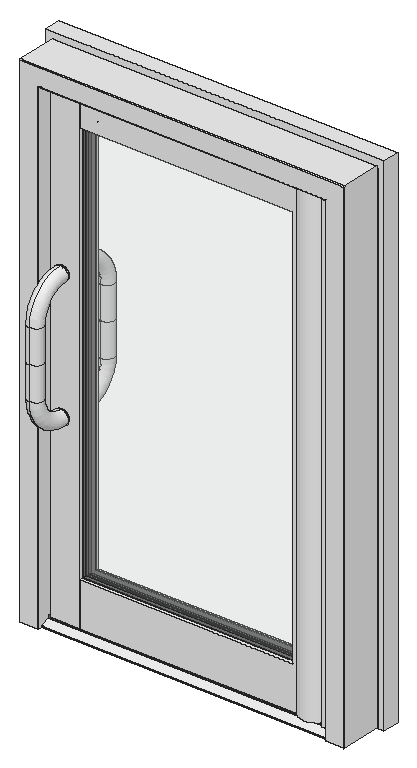
Revit family "Door - KADRILLE 1202 - K190", category Portes, Revit 2015
Parameters
  Verre = Verre
  Polantis code = "KAW010071"
  Poignée = Aluminium
  Joints = Caoutchouc
  Epaisseur = 1524.228 mm
  Construction analytique = "<Aucun>"
  Charnières = Aluminium 1100-O
  Cadre = Aluminium
Reference planes
  plane 1 "Centre (avant/arrière)": y = 0
  plane 2: z = 0
  plane 3 "Centre (gauche/droite)": x = 0
  plane 4 "Gauche": x = -459.771
  plane 5 "Droite": x = 459.771
  plane 6 "Haut": z = 1387.688
  plane 7: z = 693.844
  plane 8: x = -291.735
  plane 9: x = 261.499
  plane 10: x = -390.521
  plane 11: x = 390.521
  plane 12: z = 20.25
  plane 13: z = 1315.445
  plane 14: z = 171.535
  plane 15: z = 1227.688
  plane 16: x = 331.499
  plane 17: x = -345.521
  plane 18: x = -313.421
  plane 19: x = 292.521
  plane 20: z = 1251.884
  plane 21: z = 125.25
  plane 22: z = 1238.645
  plane 23: z = 1318.438
  plane 24: z = 12.7
  plane 25: x = -348.043
  plane 26: x = 440.521
  plane 27: x = -440.521
  plane 28: x = 358.021
  plane 29: x = -390.521
Forms (mm)
  Sweep 1, solid, material "Aluminium" <- "Cadre"
    path origin (0, 0, 0) x (1, 0, 0) y (0, 0, 1)
      loop
        line (-459.771, 0) -> (-459.771, 1387.688) -> (459.771, 1387.688) -> (459.771, 0)
    profile origin (-459.771, 0, 693.844) x (-1, 0, 0) y (0, -1, 0)
      loop
        line (-69.25, 74.952) -> (-69.25, 23.469)
        arc (-69.25, 23.469) -> (-69.104, 23.115) -> (-68.75, 22.969) r 0.5
        line (-68.75, 22.969) -> (-19.75, 22.969)
        arc (-19.75, 22.969) -> (-19.396, 23.115) -> (-19.25, 23.469) r 0.5
        line (-19.25, 23.469) -> (-19.25, -18.631) -> (0, -18.631) -> (0, 25.969) -> (-19.25, 25.969) -> (-19.25, 80.469) -> (-19.25, 137.469)
        arc (-19.25, 137.469) -> (-19.396, 137.822) -> (-19.75, 137.969) r 0.5
        line (-19.75, 137.969) -> (-68.75, 137.969)
        arc (-68.75, 137.969) -> (-69.104, 137.822) -> (-69.25, 137.469) r 0.5
        line (-69.25, 137.469) -> (-69.25, 74.952)
  Extrusion 2, solid, material "Aluminium" <- "Cadre"
    sketch origin (0, 0, 0) x (1, 0, 0) y (0, 1, 0)
      loop
        arc (-386.685, -90.45) -> (-383.728, -101.464) -> (-378.741, -111.719) r 60
        line (-378.741, -111.719) -> (-300.221, -111.719) -> (-300.221, -101.119)
        arc (-300.221, -101.119) -> (-300.368, -100.765) -> (-300.721, -100.619) r 0.5
        line (-300.721, -100.619) -> (-321.671, -100.619) -> (-321.671, -56.719) -> (-300.721, -56.719)
        arc (-300.721, -56.719) -> (-300.368, -56.572) -> (-300.221, -56.219) r 0.5
        line (-300.221, -56.219) -> (-300.221, -49.219) -> (-378.601, -49.219)
        arc (-378.601, -49.219) -> (-383.912, -59.974) -> (-386.685, -71.644) r 53.35
        line (-386.685, -71.644) -> (-386.685, -90.45)
      loop
        line (287.655, -49.519) -> (279.321, -49.519) -> (279.321, -56.219)
        arc (279.321, -56.219) -> (279.468, -56.572) -> (279.821, -56.719) r 0.5
        line (279.821, -56.719) -> (300.721, -56.719) -> (300.721, -100.619) -> (279.821, -100.619)
        arc (279.821, -100.619) -> (279.468, -100.765) -> (279.321, -101.119) r 0.5
        line (279.321, -101.119) -> (279.321, -111.419) -> (287.655, -111.419)
        arc (287.655, -111.419) -> (341.446, -120.202) -> (364.248, -70.698) r 45
        arc (364.248, -70.698) -> (332.314, -37.096) -> (287.655, -49.519) r 45
    from 20.25 to 1315.445
  Extrusion 3, solid, material "Aluminium" <- "Cadre"
    sketch origin (0, 0, 0) x (0, 1, 0) y (0, 0, 1)
      loop
        line (-51.869, 12.7) -> (-109.069, 12.7) -> (-130.788, 3.256)
        arc (-130.788, 3.256) -> (-131.138, 2.961) -> (-131.269, 2.523) r 0.8
        line (-131.269, 2.523) -> (-131.269, 0) -> (-29.669, 0) -> (-29.669, 2.523)
        arc (-29.669, 2.523) -> (-29.8, 2.961) -> (-30.15, 3.256) r 0.8
        line (-30.15, 3.256) -> (-51.869, 12.7)
    from -390.521 to 390.521
  Extrusion 4, solid, material "Aluminium" <- "Cadre"
    sketch origin (0, 0, 0) x (0, 1, 0) y (0, 0, 1)
      loop
        line (-111.419, 20.25) -> (-49.519, 20.25) -> (-49.519, 138.45) -> (-56.219, 138.45)
        arc (-56.219, 138.45) -> (-56.572, 138.304) -> (-56.719, 137.95) r 0.5
        line (-56.719, 137.95) -> (-56.719, 117.05) -> (-100.619, 117.05) -> (-100.619, 137.95)
        arc (-100.619, 137.95) -> (-100.765, 138.304) -> (-101.119, 138.45) r 0.5
        line (-101.119, 138.45) -> (-111.419, 138.45) -> (-111.419, 20.25)
      loop
        line (-49.469, 1315.445) -> (-111.469, 1315.445) -> (-111.469, 1238.645) -> (-101.119, 1238.645)
        arc (-101.119, 1238.645) -> (-100.765, 1238.792) -> (-100.619, 1239.145) r 0.5
        line (-100.619, 1239.145) -> (-100.619, 1260.045) -> (-56.719, 1260.045) -> (-56.719, 1239.145)
        arc (-56.719, 1239.145) -> (-56.572, 1238.792) -> (-56.219, 1238.645) r 0.5
        line (-56.219, 1238.645) -> (-49.469, 1238.645) -> (-49.469, 1315.445)
    from -345.521 to 331.499
  Extrusion 5, solid, material "Verre" <- "Verre"
    sketch origin (0, 0, 0) x (1, 0, 0) y (0, 1, 0)
      loop
        line (-313.421, -95.669) -> (292.521, -95.669) -> (292.521, -86.669) -> (-313.421, -86.669) -> (-313.421, -95.669)
      loop
        line (292.521, -61.669) -> (-313.421, -61.669) -> (-313.421, -70.669) -> (292.521, -70.669) -> (292.521, -61.669)
    from 125.25 to 1251.884
  Sweep 6, solid, material "Caoutchouc" <- "Joints"
    path in 3D
      loop
        line (292.521, -61.669, 125.25) -> (-313.421, -61.669, 125.25) -> (-313.421, -61.669, 1251.884) -> (292.521, -61.669, 1251.884) -> (292.521, -61.669, 125.25)
    profile origin (292.521, -61.669, 688.567) x (1, 0, 0) y (0, 1, 0)
      loop
        line (-12, -15.8) -> (-10.8, -17) -> (-12, -18.2) -> (-12, -25) -> (0, -25)
        arc (0, -25) -> (-1.005, -17) -> (0, -9) r 32.336
        line (0, -9) -> (-12, -9) -> (-12, -15.8)
      loop
        line (-12.521, 4.95) -> (-17.778, 1.025)
        arc (-17.778, 1.025) -> (-17.932, 0.239) -> (-17.168, 0) r 0.6
        line (-17.168, 0) -> (-2.75, 0) -> (-2.75, 4.95) -> (-12.521, 4.95)
      loop
        line (-12.521, -38.95) -> (-2.75, -38.95) -> (-2.75, -34) -> (-17.168, -34)
        arc (-17.168, -34) -> (-17.932, -34.239) -> (-17.778, -35.025) r 0.6
        line (-17.778, -35.025) -> (-12.521, -38.95)
  Extrusion 7, solid, material "Caoutchouc" <- "Joints"
    sketch origin (0, 0, 0) x (1, 0, 0) y (0, 1, 0)
      loop
        line (362.371, -56.122) -> (361.668, -54.615) -> (358.086, -55.998)
        arc (358.086, -55.998) -> (358.668, -56.92) -> (359.227, -57.856) r 45
        line (359.227, -57.856) -> (362.371, -56.122)
      loop
        line (362.371, -104.689) -> (359.227, -102.955)
        arc (359.227, -102.955) -> (358.668, -103.89) -> (358.086, -104.813) r 45
        line (358.086, -104.813) -> (361.668, -106.196) -> (362.371, -104.689)
      loop
        line (-390.521, -74.348) -> (-390.521, -75.999) -> (-386.685, -75.999) -> (-386.685, -74.348) -> (-390.521, -74.348)
      loop
        line (-390.521, -86.59) -> (-386.685, -86.59) -> (-386.685, -84.939) -> (-390.521, -84.939) -> (-390.521, -86.59)
    from 20.25 to 1315.445
  Extrusion 8, solid, material "Caoutchouc" <- "Joints"
    sketch origin (0, 0, 0) x (0, 1, 0) y (0, 0, 1)
      loop
        line (-56.245, 20.25) -> (-58.193, 20.25) -> (-58.705, 12.7) -> (-55.732, 12.7) -> (-56.245, 20.25)
      loop
        line (-104.693, 20.25) -> (-105.205, 12.7) -> (-102.232, 12.7) -> (-102.745, 20.25) -> (-104.693, 20.25)
      loop
        line (-54.858, 1318.438) -> (-55.66, 1315.445) -> (-49.318, 1315.445) -> (-50.12, 1318.438) -> (-54.858, 1318.438)
      loop
        line (-110.858, 1318.438) -> (-111.66, 1315.445) -> (-105.318, 1315.445) -> (-106.12, 1318.438) -> (-110.858, 1318.438)
    from -390.521 to 390.521
  Extrusion 9, solid, material "Aluminium" <- "Cadre"
    sketch origin (0, 0, 0) x (1, 0, 0) y (0, 1, 0)
      loop
        arc (358.521, -49.619) -> (358.088, -49.869) -> (358.088, -50.369) r 0.5
        arc (358.088, -50.369) -> (358.088, -50.869) -> (358.521, -51.119) r 0.5
        line (358.521, -51.119) -> (360.038, -51.119) -> (373.689, -80.394) -> (360.038, -109.669) -> (358.521, -109.669)
        arc (358.521, -109.669) -> (358.088, -109.919) -> (358.088, -110.419) r 0.5
        arc (358.088, -110.419) -> (358.088, -110.919) -> (358.521, -111.169) r 0.5
        line (358.521, -111.169) -> (390.521, -111.169) -> (390.521, -49.619) -> (358.521, -49.619)
    from 12.7 to 1318.438
Cuts and joins
  joined: Extrusion 2, Extrusion 4
Lines and regions (mm)
  sketch lines
    curve 1: line (292.521, -61.669, 1251.884) -> (292.521, -61.669, 125.25)
    curve 2: line (292.521, -61.669, 1251.884) -> (-313.421, -61.669, 1251.884)
    curve 3: line (-313.421, -61.669, 1251.884) -> (-313.421, -61.669, 125.25)
    curve 4: line (-313.421, -61.669, 125.25) -> (292.521, -61.669, 125.25)
  symbolic lines, style "Sens d'ouverture du plan"
    curve 5: line (459.771, 0, 1387.688) -> (-459.771, 0, 693.844)
    curve 6: line (-459.771, 0, 693.844) -> (459.771, 0, 0)
Text (mm)
  text "Extérieur" at (-1654.078, 797.241, 0), in view "Niveau de réf."
Dimensions and locks
  equal spacing: plane 4 "Gauche", plane 3 "Centre (gauche/droite)", plane 5 "Droite"
  equal spacing: plane 6 "Haut", plane 7, level
  plane 9 to plane 19 to plane 16 to plane 28 to plane 11 to plane 26 to plane 5 "Droite" = 31.022 mm locked, 38.978 mm locked, 26.522 mm locked, 32.5 mm locked, 50 mm locked, 19.25 mm locked
  plane 4 "Gauche" to plane 27 to plane 10 to plane 29 to plane 25 to plane 17 to plane 18 to plane 8 = 19.25 mm locked, 50 mm locked, 0 mm locked, 42.478 mm locked, 2.522 mm locked, 32.1 mm locked, 21.686 mm locked
  plane 15 to plane 22 to plane 20 to plane 13 to plane 23 to plane 6 "Haut" = 10.957 mm locked, 13.239 mm locked, 63.561 mm locked, 2.993 mm locked, 69.25 mm locked
  plane 2 to plane 24 to plane 12 to plane 21 to plane 14 = 12.7 mm locked, 7.55 mm locked, 105 mm locked, 46.285 mm locked
  aligned and locked: level to plane 2
  aligned and locked: Sweep 1 sketch curve to plane 4 "Gauche"
  aligned and locked: Sweep 1 sketch curve to plane 6 "Haut"
  aligned and locked: Sweep 1 sketch curve to plane 5 "Droite"
  aligned and locked: level to Sweep 1 sketch curve  (x2)
  aligned and locked: Extrusion 3 to plane 10
  aligned and locked: Extrusion 3 to plane 11
  aligned and locked: Extrusion 4 to plane 16
  aligned and locked: plane 17 to Extrusion 4
  aligned and locked: plane 12 to Extrusion 2
  aligned and locked: Extrusion 2 to plane 13
  aligned and locked: plane 11 to Extrusion 3
  aligned and locked: Extrusion 5 sketch curve to plane 18
  aligned and locked: Extrusion 5 sketch curve to plane 19
  aligned and locked: plane 20 to Extrusion 5
  aligned and locked: Extrusion 5 to plane 21
  aligned and locked: plane 12 to Extrusion 7
  aligned and locked: Extrusion 7 to plane 13
  aligned and locked: Extrusion 8 to plane 11
  aligned and locked: plane 10 to Extrusion 8
  aligned and locked: plane 23 to Extrusion 9
  aligned and locked: Extrusion 9 to plane 24
  aligned and locked: nested 2 to plane 7
  aligned and locked: plane 7 to nested 1
  aligned and locked: Extrusion 2 to nested 2
  aligned and locked: nested 1 to Extrusion 2
  aligned and locked: nested 2 to plane 25
  aligned and locked: plane 25 to nested 1
  aligned and locked: plane 26 to nested 4
  aligned and locked: nested 4 to plane 27
  aligned and locked: nested 3 to plane 29
  aligned and locked: nested 3 to plane 28
  aligned and locked: nested 4 to Sweep 1
Automatic sketch dimensions
  Sweep 1 sketch curve to profile plane = 0 mm
  profile plane to Sweep 1 sketch curve = 19.25 mm  (x2)
  Sweep 1 sketch curve to Sweep 1 sketch curve = 0.5 mm  (x4)
  Sweep 1 sketch curve to Sweep 1 sketch curve = 49 mm  (x2)
  plane 1 "Centre (avant/arrière)" to Sweep 1 sketch curve = 23.469 mm
  Sweep 1 sketch curve to Sweep 1 sketch curve = 51.483 mm
  Sweep 1 sketch curve to Sweep 1 sketch curve = 5.517 mm
  Sweep 1 sketch curve to Sweep 1 sketch curve = 62.517 mm
  Sweep 1 sketch curve to plane 1 "Centre (avant/arrière)" = 18.631 mm
  Sweep 1 sketch curve to Sweep 1 sketch curve = 2.5 mm  (x2)
  Extrusion 2 sketch curve to Extrusion 2 sketch curve = 0 mm  (x2)
  Extrusion 2 sketch curve to plane 4 "Gauche" = 73.086 mm
  Extrusion 2 sketch curve to Extrusion 2 sketch curve = 7.944 mm
  Extrusion 2 sketch curve to Extrusion 2 sketch curve = 8.084 mm
  plane 8 to Extrusion 2 sketch curve = 41.988 mm
  Extrusion 2 sketch curve to Extrusion 2 sketch curve = 6.202 mm
  Extrusion 2 sketch curve to Extrusion 2 sketch curve = 5.85 mm
  plane 8 to Extrusion 2 sketch curve = 8.986 mm  (x2)
  plane 8 to Extrusion 2 sketch curve = 8.486 mm
  Extrusion 2 sketch curve to Extrusion 2 sketch curve = 0.5 mm  (x3)
  Extrusion 2 sketch curve to plane 9 = 17.822 mm
  Extrusion 2 sketch curve to Extrusion 2 sketch curve = 8.334 mm  (x2)
  Extrusion 2 sketch curve to Extrusion 2 sketch curve = 13.066 mm  (x2)
  Extrusion 2 sketch curve to Extrusion 2 sketch curve = 19.6 mm
  plane 1 "Centre (avant/arrière)" to Extrusion 2 sketch curve = 111.719 mm
  plane 1 "Centre (avant/arrière)" to Extrusion 2 sketch curve = 111.419 mm
  Extrusion 2 sketch curve to Extrusion 2 sketch curve = 10.3 mm
  Extrusion 2 sketch curve to Extrusion 2 sketch curve = 10.6 mm
  Extrusion 2 sketch curve to Extrusion 2 sketch curve = 21.269 mm
  Extrusion 2 sketch curve to Extrusion 2 sketch curve = 20.15 mm
  Extrusion 2 sketch curve to Extrusion 2 sketch curve = 2.402 mm
  Extrusion 2 sketch curve to Extrusion 2 sketch curve = 23.75 mm
  Extrusion 2 sketch curve to Extrusion 2 sketch curve = 7 mm
  Extrusion 2 sketch curve to Extrusion 2 sketch curve = 6.7 mm
  Extrusion 3 sketch curve to level = 0 mm
  level to Extrusion 3 sketch curve = 2.523 mm
  level to Extrusion 3 sketch curve = 3.256 mm  (x2)
  Extrusion 3 sketch curve to Extrusion 3 sketch curve = 0.319 mm
  plane 1 "Centre (avant/arrière)" to Extrusion 3 sketch curve = 29.669 mm
  Extrusion 3 sketch curve to Extrusion 3 sketch curve = 0.481 mm
  Extrusion 3 sketch curve to Extrusion 3 sketch curve = 0.734 mm
  level to Extrusion 3 sketch curve = 12.7 mm
  Extrusion 4 sketch curve to plane 12 = 0 mm
  Extrusion 4 sketch curve to plane 12 = 117.7 mm
  Extrusion 4 sketch curve to Extrusion 4 sketch curve = 0 mm  (x3)
  Extrusion 4 sketch curve to Extrusion 4 sketch curve = 0.5 mm  (x3)
  Extrusion 4 sketch curve to Extrusion 4 sketch curve = 6.7 mm
  Extrusion 4 sketch curve to Extrusion 4 sketch curve = 20.9 mm  (x2)
  plane 6 "Haut" to Extrusion 4 sketch curve = 72.243 mm
  Extrusion 4 sketch curve to Extrusion 4 sketch curve = 10.35 mm
  Extrusion 4 sketch curve to Extrusion 4 sketch curve = 6.75 mm
  Extrusion 4 sketch curve to Extrusion 4 sketch curve = 76.8 mm
  Extrusion 5 sketch curve to plane 19 = 0 mm
  Extrusion 5 sketch curve to plane 18 = 0 mm
  profile plane to Sweep 6 sketch curve = 0 mm
  Sweep 6 sketch curve to profile plane = 0 mm  (x2)
  Sweep 6 sketch curve to profile plane = 2.75 mm  (x2)
  Sweep 6 sketch curve to profile plane = 10.8 mm
  Sweep 6 sketch curve to Sweep 6 sketch curve = 1.2 mm  (x3)
  Sweep 6 sketch curve to Sweep 6 sketch curve = 9.771 mm  (x2)
  Sweep 6 sketch curve to Sweep 6 sketch curve = 4.647 mm  (x2)
  Sweep 6 sketch curve to Sweep 6 sketch curve = 0.248 mm  (x2)
  Sweep 6 sketch curve to Sweep 6 sketch curve = 0.362 mm  (x2)
  Sweep 6 sketch curve to profile plane = 1.025 mm
  profile plane to Sweep 6 sketch curve = 17 mm  (x2)
  profile plane to Sweep 6 sketch curve = 31.331 mm
  Sweep 6 sketch curve to Sweep 6 sketch curve = 6.8 mm
  Sweep 6 sketch curve to Sweep 6 sketch curve = 9 mm
  Sweep 6 sketch curve to Sweep 6 sketch curve = 0.546 mm
  Sweep 6 sketch curve to Sweep 6 sketch curve = 3.925 mm
  Sweep 6 sketch curve to profile plane = 4.95 mm
  plane 16 to Extrusion 7 sketch curve = 11.178 mm
  Extrusion 7 sketch curve to Extrusion 7 sketch curve = 0 mm
  Extrusion 7 sketch curve to plane 16 = 26.587 mm  (x2)
  Extrusion 7 sketch curve to Extrusion 7 sketch curve = 1.141 mm  (x2)
  Extrusion 7 sketch curve to Extrusion 7 sketch curve = 3.582 mm  (x2)
  Extrusion 7 sketch curve to Extrusion 7 sketch curve = 0.703 mm  (x2)
  Extrusion 7 sketch curve to plane 10 = 0 mm  (x2)
  plane 10 to Extrusion 7 sketch curve = 3.836 mm  (x2)
  Extrusion 7 sketch curve to Extrusion 7 sketch curve = 1.651 mm  (x2)
  Extrusion 8 sketch curve to plane 12 = 0 mm  (x2)
  Extrusion 8 sketch curve to Extrusion 8 sketch curve = 1.948 mm  (x2)
  Extrusion 8 sketch curve to Extrusion 8 sketch curve = 2.973 mm  (x2)
  Extrusion 8 sketch curve to Extrusion 8 sketch curve = 0.512 mm  (x2)
  plane 12 to Extrusion 8 sketch curve = 7.55 mm
  Extrusion 8 sketch curve to Extrusion 8 sketch curve = 0 mm
  Extrusion 8 sketch curve to plane 13 = 0 mm  (x2)
  Extrusion 8 sketch curve to Extrusion 8 sketch curve = 0.802 mm  (x4)
  Extrusion 8 sketch curve to Extrusion 8 sketch curve = 4.738 mm  (x2)
  plane 13 to Extrusion 8 sketch curve = 2.993 mm  (x2)
  Extrusion 9 sketch curve to plane 11 = 0 mm
  plane 11 to Extrusion 9 sketch curve = 16.832 mm
  Extrusion 9 sketch curve to plane 16 = 28.539 mm  (x2)
  Extrusion 9 sketch curve to Extrusion 9 sketch curve = 1.517 mm  (x2)
  Extrusion 9 sketch curve to Extrusion 9 sketch curve = 0 mm  (x2)
  Extrusion 9 sketch curve to Extrusion 9 sketch curve = 0.5 mm  (x5)
  plane 5 "Droite" to curve 6 = 0 mm
  plane 5 "Droite" to curve 5 = 0 mm
  curve 5 to plane 7 = 0 mm
  curve 5 to plane 6 "Haut" = 0 mm
  plane 4 "Gauche" to curve 6 = 0 mm
  curve 6 to level = 0 mm
  Extrusion 2 sketch curve to plane 28 = 6.226 mm
  Extrusion 3 sketch curve to Extrusion 3 sketch curve = 21.719 mm
  Extrusion 3 sketch curve to Extrusion 3 sketch curve = 57.2 mm
  Extrusion 3 sketch curve to Extrusion 3 sketch curve = 21.4 mm
  plane 1 "Centre (avant/arrière)" to Extrusion 4 sketch curve = 111.469 mm
  plane 1 "Centre (avant/arrière)" to Extrusion 4 sketch curve = 111.419 mm
  Extrusion 4 sketch curve to Extrusion 4 sketch curve = 10.3 mm
  Extrusion 4 sketch curve to Extrusion 4 sketch curve = 43.9 mm  (x2)
  plane 1 "Centre (avant/arrière)" to Extrusion 5 sketch curve = 95.669 mm
  Extrusion 5 sketch curve to Extrusion 5 sketch curve = 9 mm  (x2)
  Extrusion 5 sketch curve to Extrusion 5 sketch curve = 16 mm
  plane 1 "Centre (avant/arrière)" to Extrusion 7 sketch curve = 106.196 mm
  Extrusion 7 sketch curve to Extrusion 7 sketch curve = 1.383 mm
  Extrusion 7 sketch curve to Extrusion 7 sketch curve = 1.507 mm  (x2)
  Extrusion 7 sketch curve to Extrusion 7 sketch curve = 1.858 mm
  plane 1 "Centre (avant/arrière)" to Extrusion 7 sketch curve = 86.59 mm
  Extrusion 7 sketch curve to Extrusion 7 sketch curve = 0.127 mm
  Extrusion 7 sketch curve to Extrusion 7 sketch curve = 8.94 mm
  Extrusion 7 sketch curve to Extrusion 7 sketch curve = 22.486 mm
  Extrusion 7 sketch curve to Extrusion 7 sketch curve = 1.734 mm
  plane 1 "Centre (avant/arrière)" to Extrusion 8 sketch curve = 111.66 mm
  plane 1 "Centre (avant/arrière)" to Extrusion 8 sketch curve = 105.205 mm
  Extrusion 8 sketch curve to Extrusion 8 sketch curve = 43.527 mm
  Extrusion 8 sketch curve to Extrusion 8 sketch curve = 49.659 mm
  plane 1 "Centre (avant/arrière)" to Extrusion 9 sketch curve = 111.169 mm
  Extrusion 9 sketch curve to Extrusion 9 sketch curve = 29.275 mm  (x2)
  Extrusion 9 sketch curve to Extrusion 9 sketch curve = 1.5 mm
Nested families
  nested 1: "poignée porte" at (-348.043, -201.572, 693.844) x (0, -1, 0) z (0, 0, 1), type "poignée porte", detail levels fine
  nested 2: "poignée porte" at (-348.043, 40.634, 693.844) x (0, 1, 0) z (0, 0, 1), type "poignée porte", detail levels fine
  nested 3: "Modèle 2D porte symbolique double sens" at (-16.25, -78.669, 0) x (-1, 0, 0) z (0, 0, 1), type "Modèle 2D porte symbolique double sens"
    with Largeur 748.543 mm
  nested 4: "2D" at (0, -22.969, 0) x (-1, 0, 0) z (0, 0, 1), type "2D"
    with L' 781.043 mm, L 881.043 mm
Definition of nested family "poignée porte"
  Parameters (values of type "poignée porte")
    Poignée = none
    Analytic Construction = "<Aucun>"
  Reference planes
    plane 1 "Centre (avant/arrière)": y = 0
    plane 2: z = 0
    plane 3 "Centre (gauche/droite)": x = 0
  Forms (mm)
    Sweep 1, solid, material <- "Poignée"
      path origin (0, 0, 0) x (1, 0, 0) y (0, 0, 1)
        loop
          line (-89.853, -174.853) -> (-84.853, -174.853)
          arc (-84.853, -174.853) -> (-24.853, -150) -> (0, -90) r 84.853
          line (0, -90) -> (0, 0) -> (0, 90)
          arc (0, 90) -> (-24.853, 150) -> (-84.853, 174.853) r 84.853
          line (-84.853, 174.853) -> (-89.853, 174.853)
      profile origin (0, 0, 45) x (-1, 0, 0) y (0, -1, 0)
        loop
          circle (0, 0) r 20
  Dimensions and locks
    aligned and locked: level to plane 2
Definition of nested family "Modèle 2D porte symbolique double sens"
  Parameters (values of type "Modèle 2D porte symbolique double sens")
    Symbolique = Epaisseur + 10 mm  # 72 mm
    Largeur [instance] = 867.9 mm
    Hauteur = 2000 mm
    Epaisseur = 62 mm
  Reference planes
    plane 1 "Centre (avant/arrière)": y = 0
    plane 2: z = 0
    plane 3 "Centre (gauche/droite)": x = 0
    plane 4: x = -433.95
    plane 5: x = 433.95
    plane 6: y = 867.9
  Lines and regions (mm)
    symbolic lines
      curve 1: line (-433.95, 867.9, 0) -> (-433.95, 0, 0)
      curve 8: line (-433.95, -867.9, 0) -> (-433.95, 0, 0)
    symbolic lines, detail levels medium+fine
      curve 2: arc (433.95, 0, 0) -> (179.748, 613.698, 0) -> (-433.95, 867.9, 0) r 867.9
      curve 9: arc (433.95, 0, 0) -> (179.748, -613.698, 0) -> (-433.95, -867.9, 0) r 867.9
    symbolic lines, detail levels fine
      curve 3: line (-433.95, 0, 0) -> (-371.95, 0, 0)
      curve 4: line (-433.95, 867.9, 0) -> (-433.95, 0, 0)
      curve 5: line (-371.95, 867.9, 0) -> (-433.95, 867.9, 0)
      curve 6: line (-371.95, 0, 0) -> (-371.95, 867.9, 0)
      curve 10: line (-433.95, 0, 0) -> (-371.95, 0, 0)
      curve 11: line (-433.95, -867.9, 0) -> (-433.95, 0, 0)
      curve 12: line (-371.95, -867.9, 0) -> (-433.95, -867.9, 0)
      curve 13: line (-371.95, 0, 0) -> (-371.95, -867.9, 0)
    symbolic lines, detail levels coarse
      curve 7: line (-433.95, 867.9, 0) -> (433.95, 0, 0)
      curve 14: line (-433.95, -867.9, 0) -> (433.95, 0, 0)
  Dimensions and locks
    equal spacing: plane 4, plane 3 "Centre (gauche/droite)", plane 5
    "Largeur": plane 4 to plane 5
    "Largeur": plane 1 "Centre (avant/arrière)" to plane 6
    "Epaisseur": plane 4 to curve 6
    aligned and locked: level to plane 2
  Automatic sketch dimensions
    curve 2 to curve 9 = 0 mm  (x2)
    curve 1 to plane 4 = 0 mm
    plane 1 "Centre (avant/arrière)" to curve 7 = 0 mm
    curve 7 to plane 5 = 0 mm
    plane 1 "Centre (avant/arrière)" to curve 3 = 0 mm
Definition of nested family "2D"
  Parameters (values of type "2D")
    L' [instance] = L - 100 mm  # 1100 mm
    L [instance] = 1200 mm
  Reference planes
    plane 1 "Centre (avant/arrière)": y = 0
    plane 2: z = 0
    plane 3 "Centre (gauche/droite)": x = 0
    plane 4: x = -600
    plane 5: x = 600
  Lines and regions (mm)
    Filled region 1, type "Uni - Noir", in view "Niveau de réf."
      outline origin (0, 0, 0) x (1, 0, 0) y (0, 1, 0)
        loop
          line (-600, 115) -> (-600, 0) -> (600, 0) -> (600, 115) -> (-600, 115)
  Dimensions and locks
    equal spacing: plane 4, plane 3 "Centre (gauche/droite)", plane 5
    "L": plane 4 to plane 5
    aligned and locked: plane 4 to nested 1
    aligned and locked: nested 1 to Filled region 1 sketch curve
    aligned and locked: plane 5 to Filled region 1 sketch curve
    aligned and locked: nested 2 to plane 5
  Automatic sketch dimensions
    plane 1 "Centre (avant/arrière)" to Filled region 1 sketch curve = 0 mm
    Filled region 1 sketch curve to plane 1 "Centre (avant/arrière)" = 115 mm
  Nested families
    nested 1: "2" at (-600, 0, 0), type "2", in view "Niveau de réf."
    nested 2: "1" at (600, 0, 0) x (-1, 0, 0) z (0, 0, 1), type "1", in view "Niveau de réf."
  Definition of nested family "2"
    Reference planes
      plane 1 "Centre (avant/arrière)": y = 0
      plane 2: z = 0
      plane 3 "Centre (gauche/droite)": x = 0
    Lines and regions (mm)
      Filled region 1, type "Uni - Blanc", in view "Niveau de réf.", detail levels fine
        outline origin (0, 0, 0) x (1, 0, 0) y (0, 1, 0)
          loop
            arc (82, 26.8) -> (82.354, 26.946) -> (82.5, 27.3) r 0.5
            line (82.5, 27.3) -> (82.5, 28.15) -> (80.483, 28.15) -> (77.329, 34.914)
            arc (77.329, 34.914) -> (76.765, 35.431) -> (76, 35.398) r 1
            line (76, 35.398) -> (73, 33.999) -> (73, 39.95) -> (56.3, 39.95)
            arc (56.3, 39.95) -> (53.628, 39.071) -> (52, 36.777) r 4.5
            line (52, 36.777) -> (52, 81.6) -> (60.226, 81.6)
            arc (60.226, 81.6) -> (60.798, 83.916) -> (60.107, 86.2) r 4.5
            line (60.107, 86.2) -> (73.74, 86.2) -> (72.616, 83.789)
            arc (72.616, 83.789) -> (72.532, 81.877) -> (73.825, 80.466) r 2.5
            line (73.825, 80.466) -> (76, 79.452)
            arc (76, 79.452) -> (76.765, 79.419) -> (77.329, 79.936) r 1
            line (77.329, 79.936) -> (80.483, 86.7) -> (82.5, 86.7) -> (82.5, 87.7)
            arc (82.5, 87.7) -> (82.354, 88.054) -> (82, 88.2) r 0.5
            line (82, 88.2) -> (50, 88.2) -> (50, 114.5)
            arc (50, 114.5) -> (49.854, 114.854) -> (49.5, 115) r 0.5
            line (49.5, 115) -> (0, 115) -> (0, 76.5) -> (7.5, 76.5) -> (7.5, 79) -> (14.531, 79) -> (23.074, 77.494)
            arc (23.074, 77.494) -> (23.666, 77.152) -> (23.9, 76.509) r 1
            line (23.9, 76.509) -> (23.9, 38.491)
            arc (23.9, 38.491) -> (23.666, 37.848) -> (23.074, 37.506) r 1
            line (23.074, 37.506) -> (14.531, 36) -> (7.5, 36) -> (7.5, 38.5) -> (0, 38.5) -> (0, 3.031) -> (-1.5, 3.031) -> (-1.5, -36.054)
            arc (-1.5, -36.054) -> (-5.635, -35.999) -> (-6.371, -40.069) r 3.2
            line (-6.371, -40.069) -> (-11.925, -40.069) -> (-17.983, 3.031) -> (-19.295, 3.031) -> (-13.027, -41.569) -> (0, -41.569) -> (0, 0) -> (49.5, 0)
            arc (49.5, 0) -> (49.854, 0.146) -> (50, 0.5) r 0.5
            line (50, 0.5) -> (50, 26.65) -> (82, 26.65)
          loop
            line (48, 113) -> (2, 113) -> (2, 83.5) -> (4.093, 83.5)
            arc (4.093, 83.5) -> (5.05, 83.31) -> (5.861, 82.768) r 2.5
            line (5.861, 82.768) -> (7.711, 81) -> (14.706, 81) -> (23.421, 79.463)
            arc (23.421, 79.463) -> (25.032, 78.619) -> (25.86, 77) r 3
            line (25.86, 77) -> (35.172, 77)
            arc (35.172, 77) -> (35.551, 79.732) -> (38, 81) r 3
            line (38, 81) -> (42.43, 81.059) -> (44.139, 82.768)
            arc (44.139, 82.768) -> (44.95, 83.31) -> (45.907, 83.5) r 2.5
            line (45.907, 83.5) -> (48, 83.5) -> (48, 113)
          loop
            line (2, 2) -> (48, 2) -> (48, 31.5) -> (45.907, 31.5)
            arc (45.907, 31.5) -> (44.95, 31.69) -> (44.139, 32.232) r 2.5
            line (44.139, 32.232) -> (42.43, 33.941) -> (38, 34)
            arc (38, 34) -> (35.879, 34.879) -> (35, 37) r 3
            line (35, 37) -> (35, 38) -> (25.86, 38)
            arc (25.86, 38) -> (25.032, 36.381) -> (23.421, 35.537) r 3
            line (23.421, 35.537) -> (14.706, 34) -> (7.711, 34) -> (5.861, 32.232)
            arc (5.861, 32.232) -> (5.05, 31.69) -> (4.093, 31.5) r 2.5
            line (4.093, 31.5) -> (2, 31.5) -> (2, 2)
          loop
            line (25.9, 40) -> (35, 40) -> (35, 48) -> (25.9, 48) -> (25.9, 40)
          loop
            arc (26.798, 59.756) -> (25.92, 58.783) -> (25.655, 57.5) r 2.5
            arc (25.655, 57.5) -> (25.92, 56.217) -> (26.798, 55.244) r 2.5
            arc (26.798, 55.244) -> (27.937, 54.049) -> (28.401, 52.465) r 3.5
            arc (28.401, 52.465) -> (29.463, 52.439) -> (30.45, 52.045) r 3
            arc (30.45, 52.045) -> (31.437, 52.439) -> (32.499, 52.465) r 3
            arc (32.499, 52.465) -> (32.963, 54.049) -> (34.102, 55.244) r 3.5
            arc (34.102, 55.244) -> (34.98, 56.217) -> (35.245, 57.5) r 2.5
            arc (35.245, 57.5) -> (34.98, 58.783) -> (34.102, 59.756) r 2.5
            arc (34.102, 59.756) -> (32.963, 60.951) -> (32.499, 62.535) r 3.5
            arc (32.499, 62.535) -> (31.437, 62.561) -> (30.45, 62.955) r 3
            arc (30.45, 62.955) -> (29.463, 62.561) -> (28.401, 62.535) r 3
            arc (28.401, 62.535) -> (27.937, 60.951) -> (26.798, 59.756) r 3.5
          loop
            line (25.9, 67) -> (35, 67) -> (35, 75) -> (25.9, 75) -> (25.9, 67)
          loop
            arc (38.748, 39.312) -> (38.438, 40.326) -> (39.452, 40.636) r 0.75
            line (39.452, 40.636) -> (41.474, 39.561)
            arc (41.474, 39.561) -> (42.033, 39.873) -> (42.662, 39.993) r 2
            line (42.662, 39.993) -> (50, 40.198) -> (50, 47)
            arc (50, 47) -> (49.854, 47.354) -> (49.5, 47.5) r 0.5
            line (49.5, 47.5) -> (46.1, 47.5)
            arc (46.1, 47.5) -> (44.205, 50.687) -> (47.502, 52.383) r 2.545
            arc (47.502, 52.383) -> (47.871, 54.185) -> (49.102, 55.55) r 3.5
            arc (49.102, 55.55) -> (49.944, 56.455) -> (50.25, 57.653) r 2.5
            arc (50.25, 57.653) -> (49.944, 58.851) -> (49.102, 59.756) r 2.5
            arc (49.102, 59.756) -> (47.944, 60.986) -> (47.496, 62.615) r 3.5
            arc (47.496, 62.615) -> (44.204, 64.316) -> (46.1, 67.5) r 2.545
            line (46.1, 67.5) -> (49.5, 67.5)
            arc (49.5, 67.5) -> (49.854, 67.646) -> (50, 68) r 0.5
            line (50, 68) -> (50, 74.802) -> (42.662, 75.007)
            arc (42.662, 75.007) -> (42.033, 75.127) -> (41.474, 75.439) r 2
            line (41.474, 75.439) -> (39.452, 74.364)
            arc (39.452, 74.364) -> (38.438, 74.674) -> (38.748, 75.688) r 0.75
            line (38.748, 75.688) -> (42.5, 77.683) -> (42.5, 79) -> (38, 79)
            arc (38, 79) -> (37.293, 78.707) -> (37, 78) r 1
            line (37, 78) -> (37, 37)
            arc (37, 37) -> (37.293, 36.293) -> (38, 36) r 1
            line (38, 36) -> (42.5, 36) -> (42.5, 37.317) -> (38.748, 39.312)
      Filled region 2, type "Uni - Blanc", in view "Niveau de réf.", detail levels coarse
        outline origin (0, 0, 0) x (1, 0, 0) y (0, 1, 0)
          loop
            line (49.5, 115) -> (0, 115) -> (0, 0) -> (49.5, 0)
            arc (49.5, 0) -> (49.854, 0.146) -> (50, 0.5) r 0.5
            line (50, 0.5) -> (50, 26.65) -> (82.5, 26.65) -> (82.5, 88.2) -> (50, 88.2) -> (50, 114.5)
            arc (50, 114.5) -> (49.854, 114.854) -> (49.5, 115) r 0.5
      Filled region 3, type "Uni - Blanc", in view "Niveau de réf.", detail levels medium
        outline origin (0, 0, 0) x (1, 0, 0) y (0, 1, 0)
          loop
            arc (82, 26.8) -> (82.354, 26.946) -> (82.5, 27.3) r 0.5
            line (82.5, 27.3) -> (82.5, 28.15) -> (80.483, 28.15) -> (77.329, 34.914)
            arc (77.329, 34.914) -> (76.765, 35.431) -> (76, 35.398) r 1
            line (76, 35.398) -> (73, 33.999) -> (73, 39.95) -> (56.3, 39.95)
            arc (56.3, 39.95) -> (53.628, 39.071) -> (52, 36.777) r 4.5
            line (52, 36.777) -> (52, 81.6) -> (60.226, 81.6)
            arc (60.226, 81.6) -> (60.798, 83.916) -> (60.107, 86.2) r 4.5
            line (60.107, 86.2) -> (73.74, 86.2) -> (72.616, 83.789)
            arc (72.616, 83.789) -> (72.532, 81.877) -> (73.825, 80.466) r 2.5
            line (73.825, 80.466) -> (76, 79.452)
            arc (76, 79.452) -> (76.765, 79.419) -> (77.329, 79.936) r 1
            line (77.329, 79.936) -> (80.483, 86.7) -> (82.5, 86.7) -> (82.5, 87.7)
            arc (82.5, 87.7) -> (82.354, 88.054) -> (82, 88.2) r 0.5
            line (82, 88.2) -> (50, 88.2) -> (50, 114.5)
            arc (50, 114.5) -> (49.854, 114.854) -> (49.5, 115) r 0.5
            line (49.5, 115) -> (0, 115) -> (0, 76.5) -> (7.5, 76.5) -> (7.5, 79) -> (14.531, 79) -> (23.074, 77.494)
            arc (23.074, 77.494) -> (23.666, 77.152) -> (23.9, 76.509) r 1
            line (23.9, 76.509) -> (23.9, 38.491)
            arc (23.9, 38.491) -> (23.666, 37.848) -> (23.074, 37.506) r 1
            line (23.074, 37.506) -> (14.531, 36) -> (7.5, 36) -> (7.5, 38.5) -> (0, 38.5) -> (0, 3.031) -> (-19.3, 3.031) -> (-19.3, -41.569) -> (5.5, -41.569) -> (5.5, 0) -> (49.5, 0)
            arc (49.5, 0) -> (49.854, 0.146) -> (50, 0.5) r 0.5
            line (50, 0.5) -> (50, 26.65) -> (82, 26.65)
      Filled region 4, type "Uni - Blanc", in view "Niveau de réf.", detail levels fine
        outline origin (0, 0, 0) x (1, 0, 0) y (0, 1, 0)
          loop
            line (5.5, -41.569) -> (5.5, 0) -> (0, 0) -> (0, 3.031) -> (-19.3, 3.031) -> (-19.3, -41.569) -> (5.5, -41.569)
  Definition of nested family "1"
    Reference planes
      plane 1 "Centre (avant/arrière)": y = 0
      plane 2: z = 0
      plane 3 "Centre (gauche/droite)": x = 0
    Lines and regions (mm)
      Filled region 1, type "Uni - Blanc", in view "Niveau de réf.", detail levels fine
        outline origin (0, 0, 0) x (1, 0, 0) y (0, 1, 0)
          loop
            line (0, 115) -> (0, 76.5) -> (7.5, 76.5) -> (7.5, 79) -> (14.531, 79) -> (23.074, 77.494)
            arc (23.074, 77.494) -> (23.666, 77.152) -> (23.9, 76.509) r 1
            line (23.9, 76.509) -> (23.9, 38.491)
            arc (23.9, 38.491) -> (23.666, 37.848) -> (23.074, 37.506) r 1
            line (23.074, 37.506) -> (14.531, 36) -> (7.5, 36) -> (7.5, 38.5) -> (0, 38.5) -> (0, 3.031) -> (-1.5, 3.031) -> (-1.5, -36.054)
            arc (-1.5, -36.054) -> (-5.635, -35.999) -> (-6.371, -40.069) r 3.2
            line (-6.371, -40.069) -> (-11.925, -40.069) -> (-17.983, 3.031) -> (-19.295, 3.031) -> (-13.027, -41.569) -> (0, -41.569) -> (0, 0) -> (49.5, 0)
            arc (49.5, 0) -> (49.854, 0.146) -> (50, 0.5) r 0.5
            line (50, 0.5) -> (50, 58.438) -> (50, 114.5)
            arc (50, 114.5) -> (49.854, 114.854) -> (49.5, 115) r 0.5
            line (49.5, 115) -> (0, 115)
          loop
            line (48, 113) -> (2, 113) -> (2, 83.5) -> (4.093, 83.5)
            arc (4.093, 83.5) -> (5.05, 83.31) -> (5.861, 82.768) r 2.5
            line (5.861, 82.768) -> (7.711, 81) -> (14.706, 81) -> (23.421, 79.463)
            arc (23.421, 79.463) -> (25.032, 78.619) -> (25.86, 77) r 3
            line (25.86, 77) -> (35.172, 77)
            arc (35.172, 77) -> (35.551, 79.732) -> (38, 81) r 3
            line (38, 81) -> (42.43, 81.059) -> (44.139, 82.768)
            arc (44.139, 82.768) -> (44.95, 83.31) -> (45.907, 83.5) r 2.5
            line (45.907, 83.5) -> (48, 83.5) -> (48, 113)
          loop
            line (2, 2) -> (48, 2) -> (48, 31.5) -> (45.907, 31.5)
            arc (45.907, 31.5) -> (44.95, 31.69) -> (44.139, 32.232) r 2.5
            line (44.139, 32.232) -> (42.43, 33.941) -> (38, 34)
            arc (38, 34) -> (35.879, 34.879) -> (35, 37) r 3
            line (35, 37) -> (35, 38) -> (25.86, 38)
            arc (25.86, 38) -> (25.032, 36.381) -> (23.421, 35.537) r 3
            line (23.421, 35.537) -> (14.706, 34) -> (7.711, 34) -> (5.861, 32.232)
            arc (5.861, 32.232) -> (5.05, 31.69) -> (4.093, 31.5) r 2.5
            line (4.093, 31.5) -> (2, 31.5) -> (2, 2)
          loop
            line (25.9, 40) -> (35, 40) -> (35, 48) -> (25.9, 48) -> (25.9, 40)
          loop
            arc (26.798, 59.756) -> (25.92, 58.783) -> (25.655, 57.5) r 2.5
            arc (25.655, 57.5) -> (25.92, 56.217) -> (26.798, 55.244) r 2.5
            arc (26.798, 55.244) -> (27.937, 54.049) -> (28.401, 52.465) r 3.5
            arc (28.401, 52.465) -> (29.463, 52.439) -> (30.45, 52.045) r 3
            arc (30.45, 52.045) -> (31.437, 52.439) -> (32.499, 52.465) r 3
            arc (32.499, 52.465) -> (32.963, 54.049) -> (34.102, 55.244) r 3.5
            arc (34.102, 55.244) -> (34.98, 56.217) -> (35.245, 57.5) r 2.5
            arc (35.245, 57.5) -> (34.98, 58.783) -> (34.102, 59.756) r 2.5
            arc (34.102, 59.756) -> (32.963, 60.951) -> (32.499, 62.535) r 3.5
            arc (32.499, 62.535) -> (31.437, 62.561) -> (30.45, 62.955) r 3
            arc (30.45, 62.955) -> (29.463, 62.561) -> (28.401, 62.535) r 3
            arc (28.401, 62.535) -> (27.937, 60.951) -> (26.798, 59.756) r 3.5
          loop
            line (25.9, 67) -> (35, 67) -> (35, 75) -> (25.9, 75) -> (25.9, 67)
          loop
            arc (38.748, 39.312) -> (38.438, 40.326) -> (39.452, 40.636) r 0.75
            line (39.452, 40.636) -> (41.474, 39.561)
            arc (41.474, 39.561) -> (42.033, 39.873) -> (42.662, 39.993) r 2
            line (42.662, 39.993) -> (48.5, 40.156) -> (48.5, 47)
            arc (48.5, 47) -> (48.354, 47.354) -> (48, 47.5) r 0.5
            line (48, 47.5) -> (44.6, 47.5)
            arc (44.6, 47.5) -> (42.705, 50.687) -> (46.002, 52.383) r 2.545
            arc (46.002, 52.383) -> (46.371, 54.185) -> (47.602, 55.55) r 3.5
            arc (47.602, 55.55) -> (48.444, 56.455) -> (48.75, 57.653) r 2.5
            arc (48.75, 57.653) -> (48.444, 58.851) -> (47.602, 59.756) r 2.5
            arc (47.602, 59.756) -> (46.444, 60.986) -> (45.996, 62.615) r 3.5
            arc (45.996, 62.615) -> (42.704, 64.316) -> (44.6, 67.5) r 2.545
            line (44.6, 67.5) -> (48, 67.5)
            arc (48, 67.5) -> (48.354, 67.646) -> (48.5, 68) r 0.5
            line (48.5, 68) -> (48.5, 74.844) -> (42.662, 75.007)
            arc (42.662, 75.007) -> (42.033, 75.127) -> (41.474, 75.439) r 2
            line (41.474, 75.439) -> (39.452, 74.364)
            arc (39.452, 74.364) -> (38.438, 74.674) -> (38.748, 75.688) r 0.75
            line (38.748, 75.688) -> (42.5, 77.683) -> (42.5, 79) -> (38, 79)
            arc (38, 79) -> (37.293, 78.707) -> (37, 78) r 1
            line (37, 78) -> (37, 37)
            arc (37, 37) -> (37.293, 36.293) -> (38, 36) r 1
            line (38, 36) -> (42.5, 36) -> (42.5, 37.317) -> (38.748, 39.312)
      Filled region 2, type "Uni - Blanc", in view "Niveau de réf.", detail levels coarse
        outline origin (0, 0, 0) x (1, 0, 0) y (0, 1, 0)
          loop
            line (49.5, 115) -> (0, 115) -> (0, 0) -> (49.5, 0)
            arc (49.5, 0) -> (49.854, 0.146) -> (50, 0.5) r 0.5
            line (50, 0.5) -> (50, 57.107) -> (50, 114.5)
            arc (50, 114.5) -> (49.854, 114.854) -> (49.5, 115) r 0.5
      Filled region 3, type "Uni - Blanc", in view "Niveau de réf.", detail levels medium
        outline origin (0, 0, 0) x (1, 0, 0) y (0, 1, 0)
          loop
            line (50, 53.497) -> (50, 114.5)
            arc (50, 114.5) -> (49.854, 114.854) -> (49.5, 115) r 0.5
            line (49.5, 115) -> (0, 115) -> (0, 76.5) -> (7.5, 76.5) -> (7.5, 79) -> (14.531, 79) -> (23.074, 77.494)
            arc (23.074, 77.494) -> (23.666, 77.152) -> (23.9, 76.509) r 1
            line (23.9, 76.509) -> (23.9, 38.491)
            arc (23.9, 38.491) -> (23.666, 37.848) -> (23.074, 37.506) r 1
            line (23.074, 37.506) -> (14.531, 36) -> (7.5, 36) -> (7.5, 38.5) -> (0, 38.5) -> (0, 3.031) -> (-19.295, 3.031) -> (-19.295, -41.569) -> (5.5, -41.569) -> (5.5, 0) -> (49.5, 0)
            arc (49.5, 0) -> (49.854, 0.146) -> (50, 0.5) r 0.5
            line (50, 0.5) -> (50, 53.497)
      Filled region 4, type "Uni - Blanc", in view "Niveau de réf.", detail levels fine
        outline origin (0, 0, 0) x (1, 0, 0) y (0, 1, 0)
          loop
            line (-19.295, 3.031) -> (-19.295, -41.569) -> (5.5, -41.569) -> (5.5, 0) -> (0, 0) -> (0, 3.031) -> (-19.295, 3.031)
